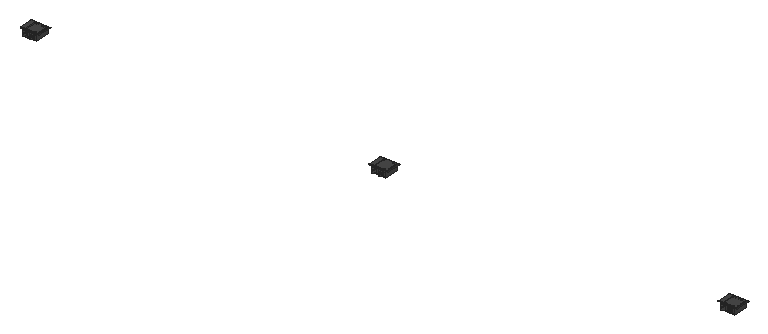
Revit family "Accessory-Teknion-ZNEL-Ledge_Table_Electric-R2019", category Furniture, Revit 2019
Family settings
  OmniClass Number = 23.40.20.00
  OmniClass Title = General Furniture and Specialties
  Work Plane-Based = No
  Always vertical = Yes
  Cut with Voids When Loaded = No
  Shared = Yes
  Room Calculation Point = No
Parameters (values of type "Table Segment 3, Power 2")
  Warranty = "http://www.teknion.com/ca/papers/legal-canada"
  Unit Weight URL = "http://www.teknion.com/ca/tools/assets#&asset=bee6a381-b954-425e-8283-5a2de3a804f2,f828d448-4b62-4231-9e5f-9a8991c0ed77"
  URL = "www.teknion.com"
  Two Segment = no
  To render please download texture images found here [instance] = "https://assets.teknion.com/web/5e81352c1dfdb467/revit-material-swatches/"
  Three Segment = yes
  Segment Width [instance] = 72.000"
  Segment 3 Power 2 = yes
  Segment 3 Power 1 = no
  Available Segment Widths [instance] = "60 or 72 inches."  # constant formula
  Actual Segment Width [instance] = if(and(Two Segment, Segment Width = 60.000"), 63.875", if(and(Two Segment, Segment Width = 72.000"), 75.875", if(and(Three Segment, Segment Width = 60.000"), 123.875", 147.875")))  # 147.875"
  Segment 2 Power 2 = yes
  Segment 2 Power 1 = no
  Sustainability Data = "https://www.teknion.com/ca/tools/assets#&topic=216f99a5-57a0-44fc-b10a-9dee9b29ae4c&asset=444deb64-fe58-4b68-981e-f75e97781df7,b4ff2d81-9f2e-437d-9659-7cffb09c31cf"
  Series = "Zones"
  Product Page URL = "https://www.teknion.com/ca/products/product-details?productlineid=b28c7a6e-8e7a-673b-a6c8-ff64004460c4"
  Product Line = "Zones"
  Product Documentation Link = "https://www.teknion.com/pricing/zones/pdfs/ZNEL_ppg.pdf"
  Part Number = "ZNEL"
  Model = "ZNEL3__2"
  Manufacturer Phone = "416-661-3370"  # constant formula
  Manufacturer Fax = "416.661.4586"  # constant formula
  Manufacturer Contact Information = "http://www.teknion.com/ca/contactus"
  Manufacturer Address = "1150 Flint Road, Toronto, ON. M3J 2J5. Canada"  # constant formula
  Manufacturer = "Teknion"  # constant formula
  How To Use Teknion Materials User Guide [instance] = "https://assets.teknion.com/m/205dd0a49fa58060/original/How-to-add-a-Material-Library-and-Texture-Images-to-your-Revit-project.pdf"
  Height = 41.000"
  For Additional Finishes please visit [instance] = "https://assets.teknion.com/m/44a8009b046e5d47/original/Teknion_Materials_Library.zip"
  Description = "Ledge Table Electric, Three Table Segments, AC and USB Outlets."
  Assembly Code = "E2020200"
Types (5): name | Two Segment | Three Segment | Segment 3 Power 2 | Segment 3 Power 1 | Actual Segment Width | Segment 2 Power 2 | Segment 2 Power 1 | Model | Description
  (no name) | no | yes | yes | no | 147.875" | yes | no | "ZNEL3__2" | "Ledge Table Electric, Three Table Segments, AC and USB Outlets."
  Table Segment 2, Power 1 | yes | no | no | no | 75.875" | no | yes | "ZNEL2__1" | "Ledge Table Electric, Two Table Segments, Two AC Outlets."
  Table Segment 2, Power 2 | yes | no | no | no | 75.875" | yes | no | "ZNEL2__2" | "Ledge Table Electric, Two Table Segments, AC and USB Outlets."
  Table Segment 3, Power 1 | no | yes | no | yes | 147.875" | no | yes | "ZNEL3__1" | "Ledge Table Electric, Three Table Segments, Two AC Outlets."
  Table Segment 3, Power 2 | no | yes | yes | no | 147.875" | yes | no | "ZNEL3__2" | "Ledge Table Electric, Three Table Segments, AC and USB Outlets."
Reference planes (in)
  plane 1 "Center Front/Back": y = 0.0565
  plane 2: z = 0
  plane 3 "Center Left/Right": x = 0
  plane 4 "Left": x = -73.9375
  plane 5 "Right": x = 73.9375
  plane 6 "Back": y = 1.763
  plane 7 "Front": y = -1.65
  plane 8 "Top": z = 41
  plane 9: x = -71.99975
  plane 10: y = -2.45
  plane 11: x = 71.9995
Forms (in)
  Sweep 1, solid, material "Paint - Teknion - 52 - Ebony"
    path origin (0, 0, 0) x (1, 0, 0) y (0, 1, 0)
      loop
        line (-73.6875, 1.45) -> (-73.6875, -1.45)
    profile origin (-73.6875, 0, 0) x (1, 0, 0) y (0, 0, 1)
      loop
        line (0.7255, 40.9) -> (0.7255, 40.952) -> (2.6505, 40.952) -> (2.6505, 40.9) -> (3.5755, 40.9)
        arc (3.5755, 40.9) -> (3.6255, 40.95) -> (3.5755, 41) r 0.05
        line (3.5755, 41) -> (-0.1995, 41)
        arc (-0.1995, 41) -> (-0.2495, 40.95) -> (-0.1995, 40.9) r 0.05
        line (-0.1995, 40.9) -> (0.7255, 40.9)
  Sweep 2, solid, material "Paint - Teknion - 52 - Ebony"
    path origin (0, 0, 0) x (1, 0, 0) y (0, 1, 0)
      loop
        line (-72.9245, 1.22684) -> (-71.0745, 1.22684)
    profile origin (-71.9995, 1.22684, 0) x (0, 1, 0) y (0, 0, 1)
      loop
        line (0.14616, 40.89) -> (0.14616, 40.84014) -> (0.22309, 40.84014) -> (0.22309, 40.87504)
        arc (0.22309, 40.87504) -> (0.20055, 40.92946) -> (0.14614, 40.952) r 0.07696
        line (0.14614, 40.952) -> (-0.15184, 40.952) -> (-0.15184, 40.89) -> (0.14616, 40.89)
      loop
        line (-2.59984, 40.89) -> (-2.30184, 40.89) -> (-2.30184, 40.952) -> (-2.59981, 40.952)
        arc (-2.59981, 40.952) -> (-2.65423, 40.92946) -> (-2.67677, 40.87504) r 0.07696
        line (-2.67677, 40.87504) -> (-2.67677, 40.84014) -> (-2.59984, 40.84014) -> (-2.59984, 40.89)
  Sweep 3, solid, material "Paint - Teknion - 52 - Ebony", visible <- "Segment 2 Power 1"
    path origin (0, 0, 0) x (1, 0, 0) y (0, 1, 0)
      loop
        line (-73.03923, -1.45) -> (-73.03923, -1.65)
    profile origin (-73.03923, -1.55, 0) x (1, 0, 0) y (0, 0, 1)
      loop
        line (-0.23527, 40.776) -> (-0.23527, 39.726) -> (0.81473, 39.726) -> (0.81473, 40.776) -> (-0.23527, 40.776)
      loop
        line (-0.05327, 40.534) -> (-0.05327, 40.422) -> (0.24873, 40.422) -> (0.24873, 40.534) -> (-0.05327, 40.534)
      loop
        line (0.27473, 40.032) -> (-0.08927, 40.032) -> (-0.08927, 39.92) -> (0.27473, 39.92) -> (0.27473, 40.032)
      loop
        line (0.67473, 40.354) -> (0.58276, 40.354)
        arc (0.58276, 40.354) -> (0.47976, 40.251) -> (0.58276, 40.148) r 0.103
        line (0.58276, 40.148) -> (0.67473, 40.148) -> (0.67473, 40.354)
      loop
        line (1.26473, 40.776) -> (1.26473, 39.726) -> (2.31473, 39.726) -> (2.31473, 40.776) -> (1.26473, 40.776)
      loop
        line (1.44673, 40.534) -> (1.44673, 40.422) -> (1.74873, 40.422) -> (1.74873, 40.534) -> (1.44673, 40.534)
      loop
        line (1.77473, 40.032) -> (1.41073, 40.032) -> (1.41073, 39.92) -> (1.77473, 39.92) -> (1.77473, 40.032)
      loop
        line (2.17473, 40.354) -> (2.08276, 40.354)
        arc (2.08276, 40.354) -> (1.97976, 40.251) -> (2.08276, 40.148) r 0.103
        line (2.08276, 40.148) -> (2.17473, 40.148) -> (2.17473, 40.354)
  Sweep 4, solid, material "Paint - Teknion - 52 - Ebony"
    path origin (0, 0, 0) x (1, 0, 0) y (0, 1, 0)
      loop
        line (-72.80056, 1.763) -> (-72.80056, 1.44993)
    profile origin (-72.80056, 1.60647, 0) x (1, 0, 0) y (0, 0, 1)
      loop
        line (0.44006, 40.0275) -> (0.44006, 40.4765)
        arc (0.44006, 40.4765) -> (0.05006, 40.70155) -> (-0.33994, 40.4765) r 0.45045
        line (-0.33994, 40.4765) -> (-0.33994, 40.0275)
        arc (-0.33994, 40.0275) -> (0.05006, 39.80066) -> (0.44006, 40.0275) r 0.44868
      loop
        circle (0.05006, 40.25111) r 0.20116
  Sweep 5, solid, material "Paint - Teknion - 52 - Ebony"
    path origin (60, 0, 0) x (1, 0, 0) y (0, 1, 0)
      loop
        line (10.3115, 1.45) -> (10.3115, -1.45)
    profile origin (70.3115, 0, 0) x (1, 0, 0) y (0, 0, 1)
      loop
        line (0.7255, 40.9) -> (0.7255, 40.952) -> (2.6505, 40.952) -> (2.6505, 40.9) -> (3.5755, 40.9)
        arc (3.5755, 40.9) -> (3.6255, 40.95) -> (3.5755, 41) r 0.05
        line (3.5755, 41) -> (-0.1995, 41)
        arc (-0.1995, 41) -> (-0.2495, 40.95) -> (-0.1995, 40.9) r 0.05
        line (-0.1995, 40.9) -> (0.7255, 40.9)
  Sweep 6, solid, material "Paint - Teknion - 52 - Ebony"
    path origin (60, 0, 0) x (1, 0, 0) y (0, 1, 0)
      loop
        line (11.0745, 1.22684) -> (12.9245, 1.22684)
    profile origin (71.9995, 1.22684, 0) x (0, 1, 0) y (0, 0, 1)
      loop
        line (0.14616, 40.89) -> (0.14616, 40.84014) -> (0.22309, 40.84014) -> (0.22309, 40.87504)
        arc (0.22309, 40.87504) -> (0.20055, 40.92946) -> (0.14614, 40.952) r 0.07696
        line (0.14614, 40.952) -> (-0.15184, 40.952) -> (-0.15184, 40.89) -> (0.14616, 40.89)
      loop
        line (-2.59984, 40.89) -> (-2.30184, 40.89) -> (-2.30184, 40.952) -> (-2.59981, 40.952)
        arc (-2.59981, 40.952) -> (-2.65423, 40.92946) -> (-2.67677, 40.87504) r 0.07696
        line (-2.67677, 40.87504) -> (-2.67677, 40.84014) -> (-2.59984, 40.84014) -> (-2.59984, 40.89)
  Sweep 7, solid, material "Paint - Teknion - 52 - Ebony", visible <- "Segment 2 Power 1"
    path origin (60, 0, 0) x (1, 0, 0) y (0, 1, 0)
      loop
        line (10.95977, -1.45) -> (10.95977, -1.65)
    profile origin (70.95977, -1.55, 0) x (1, 0, 0) y (0, 0, 1)
      loop
        line (-0.23527, 40.776) -> (-0.23527, 39.726) -> (0.81473, 39.726) -> (0.81473, 40.776) -> (-0.23527, 40.776)
      loop
        line (-0.05327, 40.534) -> (-0.05327, 40.422) -> (0.24873, 40.422) -> (0.24873, 40.534) -> (-0.05327, 40.534)
      loop
        line (0.27473, 40.032) -> (-0.08927, 40.032) -> (-0.08927, 39.92) -> (0.27473, 39.92) -> (0.27473, 40.032)
      loop
        line (0.67473, 40.354) -> (0.58276, 40.354)
        arc (0.58276, 40.354) -> (0.47976, 40.251) -> (0.58276, 40.148) r 0.103
        line (0.58276, 40.148) -> (0.67473, 40.148) -> (0.67473, 40.354)
      loop
        line (1.26473, 40.776) -> (1.26473, 39.726) -> (2.31473, 39.726) -> (2.31473, 40.776) -> (1.26473, 40.776)
      loop
        line (1.44673, 40.534) -> (1.44673, 40.422) -> (1.74873, 40.422) -> (1.74873, 40.534) -> (1.44673, 40.534)
      loop
        line (1.77473, 40.032) -> (1.41073, 40.032) -> (1.41073, 39.92) -> (1.77473, 39.92) -> (1.77473, 40.032)
      loop
        line (2.17473, 40.354) -> (2.08276, 40.354)
        arc (2.08276, 40.354) -> (1.97976, 40.251) -> (2.08276, 40.148) r 0.103
        line (2.08276, 40.148) -> (2.17473, 40.148) -> (2.17473, 40.354)
  Sweep 8, solid, material "Paint - Teknion - 52 - Ebony"
    path origin (60, 0, 0) x (1, 0, 0) y (0, 1, 0)
      loop
        line (11.19844, 1.763) -> (11.19844, 1.44993)
    profile origin (71.19844, 1.60647, 0) x (1, 0, 0) y (0, 0, 1)
      loop
        line (0.44006, 40.0275) -> (0.44006, 40.4765)
        arc (0.44006, 40.4765) -> (0.05006, 40.70155) -> (-0.33994, 40.4765) r 0.45045
        line (-0.33994, 40.4765) -> (-0.33994, 40.0275)
        arc (-0.33994, 40.0275) -> (0.05006, 39.80066) -> (0.44006, 40.0275) r 0.44868
      loop
        circle (0.05006, 40.25111) r 0.20116
  Sweep 9, solid, material "Paint - Teknion - 52 - Ebony"
    path origin (0, 0, 0) x (1, 0, 0) y (0, 1, 0)
      loop
        line (70.6875, 1.45) -> (70.6875, -1.45)
    profile origin (70.6875, 0, 0) x (1, 0, 0) y (0, 0, 1)
      loop
        line (-0.138, 39.627) -> (2.762, 39.627) -> (2.762, 40.867) -> (-0.138, 40.867) -> (-0.138, 39.627)
  Sweep 10, solid, material "Paint - Teknion - 52 - Ebony"
    path origin (0, 0, 0) x (1, 0, 0) y (0, 1, 0)
      loop
        line (-70.8457, 1.45) -> (-70.8457, -1.45)
    profile origin (-70.8457, 0, 0) x (1, 0, 0) y (0, 0, 1)
      loop
        line (-2.6038, 39.627) -> (0.2962, 39.627) -> (0.2962, 40.867) -> (-2.6038, 40.867) -> (-2.6038, 39.627)
  Sweep 11, solid, material "Paint - Teknion - 52 - Ebony", visible <- "Segment 2 Power 2"
    path origin (0, 0, 0) x (1, 0, 0) y (0, 1, 0)
      loop
        line (-73.01081, -1.45) -> (-73.01081, -1.65)
    profile origin (-73.01081, -1.55, 0) x (1, 0, 0) y (0, 0, 1)
      loop
        arc (-0.26369, 39.826) -> (-0.2344, 39.75529) -> (-0.16369, 39.726) r 0.1
        line (-0.16369, 39.726) -> (0.68631, 39.726)
        arc (0.68631, 39.726) -> (0.75702, 39.75529) -> (0.78631, 39.826) r 0.1
        line (0.78631, 39.826) -> (0.78631, 40.676)
        arc (0.78631, 40.676) -> (0.75702, 40.74671) -> (0.68631, 40.776) r 0.1
        line (0.68631, 40.776) -> (-0.16369, 40.776)
        arc (-0.16369, 40.776) -> (-0.2344, 40.74671) -> (-0.26369, 40.676) r 0.1
        line (-0.26369, 40.676) -> (-0.26369, 39.826)
      loop
        arc (1.23631, 39.826) -> (1.2656, 39.75529) -> (1.33631, 39.726) r 0.1
        line (1.33631, 39.726) -> (2.18631, 39.726)
        arc (2.18631, 39.726) -> (2.25702, 39.75529) -> (2.28631, 39.826) r 0.1
        line (2.28631, 39.826) -> (2.28631, 40.676)
        arc (2.28631, 40.676) -> (2.25702, 40.74671) -> (2.18631, 40.776) r 0.1
        line (2.18631, 40.776) -> (1.33631, 40.776)
        arc (1.33631, 40.776) -> (1.2656, 40.74671) -> (1.23631, 40.676) r 0.1
        line (1.23631, 40.676) -> (1.23631, 39.826)
      loop
        line (-0.11669, 40.354) -> (-0.11669, 40.148) -> (-0.02473, 40.148)
        arc (-0.02473, 40.148) -> (0.07827, 40.251) -> (-0.02473, 40.354) r 0.103
        line (-0.02473, 40.354) -> (-0.11669, 40.354)
      loop
        line (0.30931, 40.534) -> (0.30931, 40.422) -> (0.61131, 40.422) -> (0.61131, 40.534) -> (0.30931, 40.534)
      loop
        line (0.64731, 40.032) -> (0.28331, 40.032) -> (0.28331, 39.92) -> (0.64731, 39.92) -> (0.64731, 40.032)
      loop
        line (2.04855, 40.39388) -> (2.04855, 40.10638) -> (2.19855, 40.10638) -> (2.19855, 40.39388) -> (2.15271, 40.39388) -> (2.15271, 40.425) -> (2.09438, 40.425) -> (2.09438, 40.39388) -> (2.04855, 40.39388)
      loop
        line (1.94955, 40.52513) -> (1.78405, 40.52513)
        arc (1.78405, 40.52513) -> (1.76283, 40.51635) -> (1.75405, 40.49513) r 0.03
        line (1.75405, 40.49513) -> (1.75405, 40.00513)
        arc (1.75405, 40.00513) -> (1.76283, 39.98392) -> (1.78405, 39.97514) r 0.03
        line (1.78405, 39.97514) -> (1.94955, 39.97514)
        arc (1.94955, 39.97514) -> (1.97076, 39.98392) -> (1.97955, 40.00513) r 0.03
        line (1.97955, 40.00513) -> (1.97955, 40.49513)
        arc (1.97955, 40.49513) -> (1.97076, 40.51635) -> (1.94955, 40.52513) r 0.03
      loop
        line (1.64405, 40.00513) -> (1.64405, 40.49513)
        arc (1.64405, 40.49513) -> (1.63526, 40.51635) -> (1.61405, 40.52513) r 0.03
        line (1.61405, 40.52513) -> (1.44855, 40.52513)
        arc (1.44855, 40.52513) -> (1.42734, 40.51635) -> (1.41855, 40.49513) r 0.03
        line (1.41855, 40.49513) -> (1.41855, 40.00513)
        arc (1.41855, 40.00513) -> (1.42734, 39.98392) -> (1.44855, 39.97514) r 0.03
        line (1.44855, 39.97514) -> (1.61405, 39.97514)
        arc (1.61405, 39.97514) -> (1.63526, 39.98392) -> (1.64405, 40.00513) r 0.03
      loop
        line (1.4723, 40.45313) -> (1.4723, 40.04714) -> (1.5333, 40.04714) -> (1.5333, 40.45313) -> (1.4723, 40.45313)
      loop
        line (1.8043, 40.45313) -> (1.8043, 40.04714) -> (1.8653, 40.04714) -> (1.8653, 40.45313) -> (1.8043, 40.45313)
  Sweep 12, solid, material "Paint - Teknion - 52 - Ebony", visible <- "Segment 2 Power 2"
    path origin (60, 0, 0) x (1, 0, 0) y (0, 1, 0)
      loop
        line (10.98819, -1.45) -> (10.98819, -1.65)
    profile origin (70.98819, -1.55, 0) x (1, 0, 0) y (0, 0, 1)
      loop
        arc (-0.26369, 39.826) -> (-0.2344, 39.75529) -> (-0.16369, 39.726) r 0.1
        line (-0.16369, 39.726) -> (0.68631, 39.726)
        arc (0.68631, 39.726) -> (0.75702, 39.75529) -> (0.78631, 39.826) r 0.1
        line (0.78631, 39.826) -> (0.78631, 40.676)
        arc (0.78631, 40.676) -> (0.75702, 40.74671) -> (0.68631, 40.776) r 0.1
        line (0.68631, 40.776) -> (-0.16369, 40.776)
        arc (-0.16369, 40.776) -> (-0.2344, 40.74671) -> (-0.26369, 40.676) r 0.1
        line (-0.26369, 40.676) -> (-0.26369, 39.826)
      loop
        arc (1.23631, 39.826) -> (1.2656, 39.75529) -> (1.33631, 39.726) r 0.1
        line (1.33631, 39.726) -> (2.18631, 39.726)
        arc (2.18631, 39.726) -> (2.25702, 39.75529) -> (2.28631, 39.826) r 0.1
        line (2.28631, 39.826) -> (2.28631, 40.676)
        arc (2.28631, 40.676) -> (2.25702, 40.74671) -> (2.18631, 40.776) r 0.1
        line (2.18631, 40.776) -> (1.33631, 40.776)
        arc (1.33631, 40.776) -> (1.2656, 40.74671) -> (1.23631, 40.676) r 0.1
        line (1.23631, 40.676) -> (1.23631, 39.826)
      loop
        line (-0.11669, 40.354) -> (-0.11669, 40.148) -> (-0.02473, 40.148)
        arc (-0.02473, 40.148) -> (0.07827, 40.251) -> (-0.02473, 40.354) r 0.103
        line (-0.02473, 40.354) -> (-0.11669, 40.354)
      loop
        line (0.30931, 40.534) -> (0.30931, 40.422) -> (0.61131, 40.422) -> (0.61131, 40.534) -> (0.30931, 40.534)
      loop
        line (0.64731, 40.032) -> (0.28331, 40.032) -> (0.28331, 39.92) -> (0.64731, 39.92) -> (0.64731, 40.032)
      loop
        line (2.04855, 40.39388) -> (2.04855, 40.10638) -> (2.19855, 40.10638) -> (2.19855, 40.39388) -> (2.15271, 40.39388) -> (2.15271, 40.425) -> (2.09438, 40.425) -> (2.09438, 40.39388) -> (2.04855, 40.39388)
      loop
        line (1.94955, 40.52513) -> (1.78405, 40.52513)
        arc (1.78405, 40.52513) -> (1.76283, 40.51635) -> (1.75405, 40.49513) r 0.03
        line (1.75405, 40.49513) -> (1.75405, 40.00513)
        arc (1.75405, 40.00513) -> (1.76283, 39.98392) -> (1.78405, 39.97514) r 0.03
        line (1.78405, 39.97514) -> (1.94955, 39.97514)
        arc (1.94955, 39.97514) -> (1.97076, 39.98392) -> (1.97955, 40.00513) r 0.03
        line (1.97955, 40.00513) -> (1.97955, 40.49513)
        arc (1.97955, 40.49513) -> (1.97076, 40.51635) -> (1.94955, 40.52513) r 0.03
      loop
        line (1.64405, 40.00513) -> (1.64405, 40.49513)
        arc (1.64405, 40.49513) -> (1.63526, 40.51635) -> (1.61405, 40.52513) r 0.03
        line (1.61405, 40.52513) -> (1.44855, 40.52513)
        arc (1.44855, 40.52513) -> (1.42734, 40.51635) -> (1.41855, 40.49513) r 0.03
        line (1.41855, 40.49513) -> (1.41855, 40.00513)
        arc (1.41855, 40.00513) -> (1.42734, 39.98392) -> (1.44855, 39.97514) r 0.03
        line (1.44855, 39.97514) -> (1.61405, 39.97514)
        arc (1.61405, 39.97514) -> (1.63526, 39.98392) -> (1.64405, 40.00513) r 0.03
      loop
        line (1.4723, 40.45313) -> (1.4723, 40.04714) -> (1.5333, 40.04714) -> (1.5333, 40.45313) -> (1.4723, 40.45313)
      loop
        line (1.8043, 40.45313) -> (1.8043, 40.04714) -> (1.8653, 40.04714) -> (1.8653, 40.45313) -> (1.8043, 40.45313)
  Sweep 13, solid, material "Paint - Teknion - 52 - Ebony", visible <- "Three Segment"
    path origin (30, 0, 0) x (1, 0, 0) y (0, 1, 0)
      loop
        line (-31.688, 1.45) -> (-31.688, -1.45)
    profile origin (-1.688, 0, 0) x (1, 0, 0) y (0, 0, 1)
      loop
        line (0.7255, 40.9) -> (0.7255, 40.952) -> (2.6505, 40.952) -> (2.6505, 40.9) -> (3.5755, 40.9)
        arc (3.5755, 40.9) -> (3.6255, 40.95) -> (3.5755, 41) r 0.05
        line (3.5755, 41) -> (-0.1995, 41)
        arc (-0.1995, 41) -> (-0.2495, 40.95) -> (-0.1995, 40.9) r 0.05
        line (-0.1995, 40.9) -> (0.7255, 40.9)
  Sweep 14, solid, material "Paint - Teknion - 52 - Ebony", visible <- "Three Segment"
    path origin (30, 0, 0) x (1, 0, 0) y (0, 1, 0)
      loop
        line (-30.925, 1.22684) -> (-29.075, 1.22684)
    profile origin (0, 1.22684, 0) x (0, 1, 0) y (0, 0, 1)
      loop
        line (0.14616, 40.89) -> (0.14616, 40.84014) -> (0.22309, 40.84014) -> (0.22309, 40.87504)
        arc (0.22309, 40.87504) -> (0.20055, 40.92946) -> (0.14614, 40.952) r 0.07696
        line (0.14614, 40.952) -> (-0.15184, 40.952) -> (-0.15184, 40.89) -> (0.14616, 40.89)
      loop
        line (-2.59984, 40.89) -> (-2.30184, 40.89) -> (-2.30184, 40.952) -> (-2.59981, 40.952)
        arc (-2.59981, 40.952) -> (-2.65423, 40.92946) -> (-2.67677, 40.87504) r 0.07696
        line (-2.67677, 40.87504) -> (-2.67677, 40.84014) -> (-2.59984, 40.84014) -> (-2.59984, 40.89)
  Sweep 15, solid, material "Paint - Teknion - 52 - Ebony", visible <- "Segment 3 Power 1"
    path origin (30, 0, 0) x (1, 0, 0) y (0, 1, 0)
      loop
        line (-31.03973, -1.45) -> (-31.03973, -1.65)
    profile origin (-1.03973, -1.55, 0) x (1, 0, 0) y (0, 0, 1)
      loop
        line (-0.23527, 40.776) -> (-0.23527, 39.726) -> (0.81473, 39.726) -> (0.81473, 40.776) -> (-0.23527, 40.776)
      loop
        line (-0.05327, 40.534) -> (-0.05327, 40.422) -> (0.24873, 40.422) -> (0.24873, 40.534) -> (-0.05327, 40.534)
      loop
        line (0.27473, 40.032) -> (-0.08927, 40.032) -> (-0.08927, 39.92) -> (0.27473, 39.92) -> (0.27473, 40.032)
      loop
        line (0.67473, 40.354) -> (0.58276, 40.354)
        arc (0.58276, 40.354) -> (0.47976, 40.251) -> (0.58276, 40.148) r 0.103
        line (0.58276, 40.148) -> (0.67473, 40.148) -> (0.67473, 40.354)
      loop
        line (1.26473, 40.776) -> (1.26473, 39.726) -> (2.31473, 39.726) -> (2.31473, 40.776) -> (1.26473, 40.776)
      loop
        line (1.44673, 40.534) -> (1.44673, 40.422) -> (1.74873, 40.422) -> (1.74873, 40.534) -> (1.44673, 40.534)
      loop
        line (1.77473, 40.032) -> (1.41073, 40.032) -> (1.41073, 39.92) -> (1.77473, 39.92) -> (1.77473, 40.032)
      loop
        line (2.17473, 40.354) -> (2.08276, 40.354)
        arc (2.08276, 40.354) -> (1.97976, 40.251) -> (2.08276, 40.148) r 0.103
        line (2.08276, 40.148) -> (2.17473, 40.148) -> (2.17473, 40.354)
  Sweep 16, solid, material "Paint - Teknion - 52 - Ebony", visible <- "Three Segment"
    path origin (30, 0, 0) x (1, 0, 0) y (0, 1, 0)
      loop
        line (-30.80106, 1.763) -> (-30.80106, 1.44993)
    profile origin (-0.80106, 1.60647, 0) x (1, 0, 0) y (0, 0, 1)
      loop
        line (0.44006, 40.0275) -> (0.44006, 40.4765)
        arc (0.44006, 40.4765) -> (0.05006, 40.70155) -> (-0.33994, 40.4765) r 0.45045
        line (-0.33994, 40.4765) -> (-0.33994, 40.0275)
        arc (-0.33994, 40.0275) -> (0.05006, 39.80066) -> (0.44006, 40.0275) r 0.44868
      loop
        circle (0.05006, 40.25111) r 0.20116
  Sweep 17, solid, material "Paint - Teknion - 52 - Ebony", visible <- "Segment 3 Power 2"
    path origin (30, 0, 0) x (1, 0, 0) y (0, 1, 0)
      loop
        line (-31.01131, -1.45) -> (-31.01131, -1.65)
    profile origin (-1.01131, -1.55, 0) x (1, 0, 0) y (0, 0, 1)
      loop
        arc (-0.26369, 39.826) -> (-0.2344, 39.75529) -> (-0.16369, 39.726) r 0.1
        line (-0.16369, 39.726) -> (0.68631, 39.726)
        arc (0.68631, 39.726) -> (0.75702, 39.75529) -> (0.78631, 39.826) r 0.1
        line (0.78631, 39.826) -> (0.78631, 40.676)
        arc (0.78631, 40.676) -> (0.75702, 40.74671) -> (0.68631, 40.776) r 0.1
        line (0.68631, 40.776) -> (-0.16369, 40.776)
        arc (-0.16369, 40.776) -> (-0.2344, 40.74671) -> (-0.26369, 40.676) r 0.1
        line (-0.26369, 40.676) -> (-0.26369, 39.826)
      loop
        arc (1.23631, 39.826) -> (1.2656, 39.75529) -> (1.33631, 39.726) r 0.1
        line (1.33631, 39.726) -> (2.18631, 39.726)
        arc (2.18631, 39.726) -> (2.25702, 39.75529) -> (2.28631, 39.826) r 0.1
        line (2.28631, 39.826) -> (2.28631, 40.676)
        arc (2.28631, 40.676) -> (2.25702, 40.74671) -> (2.18631, 40.776) r 0.1
        line (2.18631, 40.776) -> (1.33631, 40.776)
        arc (1.33631, 40.776) -> (1.2656, 40.74671) -> (1.23631, 40.676) r 0.1
        line (1.23631, 40.676) -> (1.23631, 39.826)
      loop
        line (-0.11669, 40.354) -> (-0.11669, 40.148) -> (-0.02473, 40.148)
        arc (-0.02473, 40.148) -> (0.07827, 40.251) -> (-0.02473, 40.354) r 0.103
        line (-0.02473, 40.354) -> (-0.11669, 40.354)
      loop
        line (0.30931, 40.534) -> (0.30931, 40.422) -> (0.61131, 40.422) -> (0.61131, 40.534) -> (0.30931, 40.534)
      loop
        line (0.64731, 40.032) -> (0.28331, 40.032) -> (0.28331, 39.92) -> (0.64731, 39.92) -> (0.64731, 40.032)
      loop
        line (2.04855, 40.39388) -> (2.04855, 40.10638) -> (2.19855, 40.10638) -> (2.19855, 40.39388) -> (2.15271, 40.39388) -> (2.15271, 40.425) -> (2.09438, 40.425) -> (2.09438, 40.39388) -> (2.04855, 40.39388)
      loop
        line (1.94955, 40.52513) -> (1.78405, 40.52513)
        arc (1.78405, 40.52513) -> (1.76283, 40.51635) -> (1.75405, 40.49513) r 0.03
        line (1.75405, 40.49513) -> (1.75405, 40.00513)
        arc (1.75405, 40.00513) -> (1.76283, 39.98392) -> (1.78405, 39.97514) r 0.03
        line (1.78405, 39.97514) -> (1.94955, 39.97514)
        arc (1.94955, 39.97514) -> (1.97076, 39.98392) -> (1.97955, 40.00513) r 0.03
        line (1.97955, 40.00513) -> (1.97955, 40.49513)
        arc (1.97955, 40.49513) -> (1.97076, 40.51635) -> (1.94955, 40.52513) r 0.03
      loop
        line (1.64405, 40.00513) -> (1.64405, 40.49513)
        arc (1.64405, 40.49513) -> (1.63526, 40.51635) -> (1.61405, 40.52513) r 0.03
        line (1.61405, 40.52513) -> (1.44855, 40.52513)
        arc (1.44855, 40.52513) -> (1.42734, 40.51635) -> (1.41855, 40.49513) r 0.03
        line (1.41855, 40.49513) -> (1.41855, 40.00513)
        arc (1.41855, 40.00513) -> (1.42734, 39.98392) -> (1.44855, 39.97514) r 0.03
        line (1.44855, 39.97514) -> (1.61405, 39.97514)
        arc (1.61405, 39.97514) -> (1.63526, 39.98392) -> (1.64405, 40.00513) r 0.03
      loop
        line (1.4723, 40.45313) -> (1.4723, 40.04714) -> (1.5333, 40.04714) -> (1.5333, 40.45313) -> (1.4723, 40.45313)
      loop
        line (1.8043, 40.45313) -> (1.8043, 40.04714) -> (1.8653, 40.04714) -> (1.8653, 40.45313) -> (1.8043, 40.45313)
  Sweep 18, solid, material "Paint - Teknion - 52 - Ebony", visible <- "Three Segment"
    path origin (0, 0, 0) x (1, 0, 0) y (0, 1, 0)
      loop
        line (-1.62823, 1.45) -> (-1.62823, -1.45)
    profile origin (-1.62823, 0, 0) x (1, 0, 0) y (0, 0, 1)
      loop
        line (0.17823, 40.867) -> (0.17823, 39.627) -> (3.07823, 39.627) -> (3.07823, 40.867) -> (0.17823, 40.867)
Lines and regions (in)
  Masking region 1
    outline origin (0, 0, 0) x (1, 0, 0) y (0, 1, 0)
      loop
        line (-73.9375, 1.45) -> (-73.9375, -1.45) -> (-70.062, -1.45) -> (-70.062, 1.45) -> (-73.9375, 1.45)
  Masking region 2
    outline origin (0, 0, 0) x (1, 0, 0) y (0, 1, 0)
      loop
        line (-73.1405, 1.763) -> (-73.1405, 1.44993) -> (-72.3605, 1.44993) -> (-72.3605, 1.763) -> (-73.1405, 1.763)
  Masking region 3
    outline origin (0, 0, 0) x (1, 0, 0) y (0, 1, 0)
      loop
        line (-71.7745, -1.45) -> (-71.7745, -1.65) -> (-70.7245, -1.65) -> (-70.7245, -1.45) -> (-71.7745, -1.45)
      loop
        line (-72.2245, -1.65) -> (-72.2245, -1.45) -> (-73.2745, -1.45) -> (-73.2745, -1.65) -> (-72.2245, -1.65)
  Masking region 4, visible <- "Three Segment"
    outline origin (0, 0, 0) x (1, 0, 0) y (0, 1, 0)
      loop
        line (-1.9375, 1.45) -> (-1.9375, -1.45) -> (1.9375, -1.45) -> (1.9375, 1.45) -> (-1.9375, 1.45)
  Masking region 5, visible <- "Three Segment"
    outline origin (0, 0, 0) x (1, 0, 0) y (0, 1, 0)
      loop
        line (-1.275, -1.45) -> (-1.275, -1.65) -> (-0.225, -1.65) -> (-0.225, -1.45) -> (-1.275, -1.45)
      loop
        line (0.225, -1.45) -> (0.225, -1.65) -> (1.275, -1.65) -> (1.275, -1.45) -> (0.225, -1.45)
  Masking region 6, visible <- "Three Segment"
    outline origin (0, 0, 0) x (1, 0, 0) y (0, 1, 0)
      loop
        line (-1.141, 1.763) -> (-1.141, 1.44993) -> (-0.361, 1.44993) -> (-0.361, 1.763) -> (-1.141, 1.763)
  Masking region 7
    outline origin (0, 0, 0) x (1, 0, 0) y (0, 1, 0)
      loop
        line (70.8585, 1.763) -> (70.8585, 1.44993) -> (71.6385, 1.44993) -> (71.6385, 1.763) -> (70.8585, 1.763)
  Masking region 8
    outline origin (0, 0, 0) x (1, 0, 0) y (0, 1, 0)
      loop
        line (70.062, 1.45) -> (70.062, -1.45) -> (73.9375, -1.45) -> (73.9375, 1.45) -> (70.062, 1.45)
  Masking region 9
    outline origin (0, 0, 0) x (1, 0, 0) y (0, 1, 0)
      loop
        line (70.7245, -1.45) -> (70.7245, -1.65) -> (71.7745, -1.65) -> (71.7745, -1.45) -> (70.7245, -1.45)
      loop
        line (72.2245, -1.45) -> (72.2245, -1.65) -> (73.2745, -1.65) -> (73.2745, -1.45) -> (72.2245, -1.45)
  symbolic lines, style "FurnitureHiddenLines", detail levels medium+fine
    curve 1: line (-73.4495, 1.45, 0) -> (-73.4495, -1.45, 0)
    curve 2: line (-70.5495, -1.45, 0) -> (-70.5495, 1.45, 0)
    curve 3: line (-72.9245, 1.075, 0) -> (-71.0745, 1.075, 0)
    curve 4: line (-71.0745, 1.075, 0) -> (-71.0745, 1.37297, 0)
    curve 5: line (-71.0745, 1.37297, 0) -> (-72.9245, 1.37297, 0)
    curve 6: line (-72.9245, 1.37297, 0) -> (-72.9245, 1.075, 0)
    curve 7: line (-71.0745, -1.075, 0) -> (-72.94012, -1.075, 0)
    curve 8: line (-72.94012, -1.075, 0) -> (-72.94012, -1.37297, 0)
    curve 9: line (-72.94012, -1.37297, 0) -> (-71.0745, -1.37297, 0)
    curve 10: line (-71.0745, -1.37297, 0) -> (-71.0745, -1.075, 0)
    curve 21: line (70.5495, 1.45, 0) -> (70.5495, -1.45, 0)
    curve 22: line (73.4495, -1.45, 0) -> (73.4495, 1.45, 0)
    curve 23: line (72.9245, -1.37297, 0) -> (72.9245, -1.075, 0)
    curve 24: line (72.9245, -1.075, 0) -> (71.0745, -1.075, 0)
    curve 25: line (71.0745, -1.075, 0) -> (71.0745, -1.37297, 0)
    curve 26: line (71.0745, -1.37297, 0) -> (72.9245, -1.37297, 0)
    curve 27: line (71.0745, 1.37297, 0) -> (71.0745, 1.075, 0)
    curve 28: line (71.0745, 1.075, 0) -> (72.9245, 1.075, 0)
    curve 29: line (72.9245, 1.075, 0) -> (72.9245, 1.37297, 0)
    curve 30: line (72.9245, 1.37297, 0) -> (71.0745, 1.37297, 0)
  symbolic lines, style "FurnitureHiddenLines", visible <- "Three Segment", detail levels medium+fine
    curve 11: line (-0.925, 1.37297, 0) -> (-0.925, 1.075, 0)
    curve 12: line (-0.925, 1.075, 0) -> (0.925, 1.075, 0)
    curve 13: line (0.925, 1.075, 0) -> (0.925, 1.37297, 0)
    curve 14: line (0.925, 1.37297, 0) -> (-0.925, 1.37297, 0)
    curve 15: line (-0.925, -1.075, 0) -> (-0.925, -1.37297, 0)
    curve 16: line (-0.925, -1.37297, 0) -> (0.925, -1.37297, 0)
    curve 17: line (0.925, -1.37297, 0) -> (0.925, -1.075, 0)
    curve 18: line (0.925, -1.075, 0) -> (-0.925, -1.075, 0)
    curve 19: line (-1.45, 1.45, 0) -> (-1.45, -1.45, 0)
    curve 20: line (1.45, -1.45, 0) -> (1.45, 1.45, 0)
  reference lines
    curve 31: line (-73.9375, 1.763, 0) -> (73.9375, 1.763, 0)
    curve 32: line (73.9375, 1.763, 0) -> (73.9375, -1.65, 0)
    curve 33: line (-73.9375, -1.65, 0) -> (73.9375, -1.65, 0)
    curve 34: line (-73.9375, 1.763, 0) -> (-73.9375, -1.65, 0)
Dimensions and locks (in)
  "Actual Segment Width": plane 4 "Left" to plane 5 "Right"
  locked: plane 6 "Back" to plane 7 "Front" at 3.413
  "Height": plane 8 "Top" to level
  equal spacing: plane 6 "Back", plane 1 "Center Front/Back", plane 7 "Front"
  equal spacing: plane 4 "Left", plane 3 "Center Left/Right", plane 5 "Right"
  locked: plane 4 "Left" to Sweep 1 sketch curve at 0.25
  plane 6 "Back" to Sweep 1 sketch curve to Sweep 1 sketch curve = 0.313" locked, 2.900" locked
  Sweep 1 sketch curve to Sweep 1 sketch curve to Sweep 1 sketch curve to Sweep 1 sketch curve to plane 4 "Left" = 0.925" locked, 1.925" locked, 0.925" locked, 0.0505" locked
  plane 8 "Top" to Sweep 1 sketch curve to Sweep 1 sketch curve to Sweep 1 sketch curve to Sweep 1 sketch curve to Sweep 1 sketch curve = 0.048" locked, 0.002" locked, 0.000" locked, 0.050" locked, 0.000" locked
  plane 6 "Back" to Sweep 2 sketch curve to Sweep 2 sketch curve to Sweep 2 sketch curve to Sweep 2 sketch curve = 0.31307" locked, 0.07693" locked, 0.00003" locked, 0.29797" locked
  plane 8 "Top" to Sweep 2 sketch curve to Sweep 2 sketch curve to Sweep 2 sketch curve to Sweep 2 sketch curve = 0.048" locked, 0.062" locked, 0.01496" locked, 0.0349" locked
  Sweep 2 sketch curve to Sweep 2 sketch curve to Sweep 2 sketch curve to Sweep 2 sketch curve to plane 7 "Front" = 0.29797" locked, 0.00003" locked, 0.07693" locked, 0.20007" locked
  plane 8 "Top" to Sweep 1 to Sweep 2 sketch curve to Sweep 2 sketch curve to Sweep 2 sketch curve = 0.048" locked, 0.062" locked, 0.01496" locked, 0.0349" locked
  locked: plane 1 "Center Front/Back" to Sweep 2 sketch curve at 1.17034
  plane 4 "Left" to Sweep 2 sketch curve to Sweep 2 sketch curve = 1.013" locked, 1.850" locked
  Sweep 3 sketch curve to Sweep 3 sketch curve to Sweep 3 sketch curve to Sweep 3 sketch curve to Sweep 3 sketch curve to Sweep 3 sketch curve to Sweep 3 sketch curve to Sweep 3 sketch curve to Sweep 3 sketch curve to Sweep 3 sketch curve to Sweep 3 sketch curve to Sweep 3 sketch curve to Sweep 3 sketch curve to Sweep 3 sketch curve to Sweep 3 sketch curve to Sweep 3 sketch curve to plane 4 "Left" = 0.140" locked, 0.19497" locked, 0.20503" locked, 0.026" locked, 0.302" locked, 0.036" locked, 0.146" locked, 0.450" locked, 0.140" locked, 0.19497" locked, 0.20503" locked, 0.026" locked, 0.302" locked, 0.036" locked, 0.146" locked, 0.663" locked
  plane 8 "Top" to Sweep 3 sketch curve to Sweep 3 sketch curve to Sweep 3 sketch curve to Sweep 3 sketch curve to Sweep 3 sketch curve to Sweep 3 sketch curve to Sweep 3 sketch curve to Sweep 3 sketch curve to Sweep 3 sketch curve to Sweep 3 sketch curve to Sweep 3 sketch curve to Sweep 3 sketch curve to Sweep 3 sketch curve to Sweep 3 sketch curve to Sweep 3 sketch curve to Sweep 3 sketch curve = 0.224" locked, 0.000" locked, 0.242" locked, 0.000" locked, 0.112" locked, 0.000" locked, 0.068" locked, 0.000" locked, 0.206" locked, 0.000" locked, 0.116" locked, 0.000" locked, 0.112" locked, 0.000" locked, 0.194" locked, 0.000" locked
  locked: plane 7 "Front" to Sweep 3 sketch curve at 0.2
  locked: plane 4 "Left" to Sweep 3 sketch curve at 0.89827
  Sweep 4 sketch curve to Sweep 4 sketch curve to Sweep 4 sketch curve to plane 4 "Left" = 0.390" locked, 0.390" locked, 0.797" locked
  Sweep 4 sketch curve to Sweep 4 sketch curve to Sweep 4 sketch curve to plane 8 "Top" = 0.45045" locked, 0.45045" locked, 0.29845" locked
  locked: plane 4 "Left" to Sweep 4 sketch curve at 1.13694
  locked: plane 6 "Back" to Sweep 4 sketch curve at 0.31307
  Sweep 5 sketch curve to plane 1 "Center Front/Back" to Sweep 5 sketch curve = 1.3935" locked, 1.5065" locked
  plane 5 "Right" to Sweep 5 sketch curve to Sweep 5 sketch curve to Sweep 5 sketch curve to Sweep 5 sketch curve = 0.0505" locked, 0.925" locked, 1.925" locked, 0.925" locked
  plane 8 "Top" to Sweep 5 sketch curve to Sweep 5 sketch curve to Sweep 5 sketch curve to Sweep 5 sketch curve to Sweep 5 sketch curve = 0.048" locked, 0.002" locked, 0.000" locked, 0.050" locked, 0.000" locked
  plane 6 "Back" to Sweep 6 sketch curve to Sweep 6 sketch curve to Sweep 6 sketch curve to Sweep 6 sketch curve = 0.31307" locked, 0.07693" locked, 0.00003" locked, 0.29797" locked
  plane 8 "Top" to Sweep 6 sketch curve to Sweep 6 sketch curve to Sweep 6 sketch curve to Sweep 6 sketch curve = 0.048" locked, 0.062" locked, 0.01496" locked, 0.0349" locked
  Sweep 6 sketch curve to Sweep 6 sketch curve to Sweep 6 sketch curve to Sweep 6 sketch curve to plane 7 "Front" = 0.29797" locked, 0.00003" locked, 0.07693" locked, 0.20007" locked
  plane 8 "Top" to Sweep 5 to Sweep 6 sketch curve to Sweep 6 sketch curve to Sweep 6 sketch curve = 0.048" locked, 0.062" locked, 0.01496" locked, 0.0349" locked
  Sweep 6 sketch curve to Sweep 6 sketch curve to plane 5 "Right" = 1.850" locked, 1.013" locked
  plane 5 "Right" to Sweep 7 sketch curve to Sweep 7 sketch curve to Sweep 7 sketch curve to Sweep 7 sketch curve to Sweep 7 sketch curve to Sweep 7 sketch curve to Sweep 7 sketch curve to Sweep 7 sketch curve to Sweep 7 sketch curve to Sweep 7 sketch curve to Sweep 7 sketch curve to Sweep 7 sketch curve to Sweep 7 sketch curve to Sweep 7 sketch curve to Sweep 7 sketch curve to Sweep 7 sketch curve = 0.663" locked, 0.140" locked, 0.19497" locked, 0.20503" locked, 0.026" locked, 0.302" locked, 0.036" locked, 0.146" locked, 0.450" locked, 0.140" locked, 0.19497" locked, 0.20503" locked, 0.026" locked, 0.302" locked, 0.036" locked, 0.146" locked
  plane 8 "Top" to Sweep 7 sketch curve to Sweep 7 sketch curve to Sweep 7 sketch curve to Sweep 7 sketch curve to Sweep 7 sketch curve to Sweep 7 sketch curve to Sweep 7 sketch curve to Sweep 7 sketch curve to Sweep 7 sketch curve to Sweep 7 sketch curve to Sweep 7 sketch curve to Sweep 7 sketch curve to Sweep 7 sketch curve to Sweep 7 sketch curve to Sweep 7 sketch curve to Sweep 7 sketch curve = 0.224" locked, 0.000" locked, 0.242" locked, 0.000" locked, 0.112" locked, 0.000" locked, 0.068" locked, 0.000" locked, 0.206" locked, 0.000" locked, 0.116" locked, 0.000" locked, 0.112" locked, 0.000" locked, 0.194" locked, 0.000" locked
  Sweep 8 sketch curve to Sweep 8 sketch curve to Sweep 8 sketch curve to plane 8 "Top" = 0.45045" locked, 0.45045" locked, 0.29845" locked
  locked: plane 6 "Back" to Sweep 8 sketch curve at 0.31307
  locked: Sweep 8 sketch curve to plane 5 "Right" at 2.73906
  Sweep 8 sketch curve to Sweep 8 sketch curve to Sweep 8 sketch curve to plane 5 "Right" = 0.390" locked, 0.390" locked, 2.299" locked
  Sweep 8 sketch curve to Sweep 8 sketch curve to plane 5 "Right" = 0.000" locked, 2.689" locked
  Sweep 4 sketch curve to Sweep 4 sketch curve to plane 4 "Left" = 0.000" locked, 1.187" locked
  locked: Sweep 5 sketch curve to plane 5 "Right" at 3.626
  locked: plane 6 "Back" to Sweep 6 sketch curve at 0.53616
  Sweep 9 sketch curve to Sweep 9 sketch curve to plane 5 "Right" = 2.900" locked, 0.488" locked
  plane 8 "Top" to Sweep 9 sketch curve to Sweep 9 sketch curve = 0.133" locked, 1.240" locked
  Sweep 9 sketch curve to plane 1 "Center Front/Back" to Sweep 9 sketch curve = 1.5065" locked, 1.3935" locked
  locked: Sweep 9 sketch curve to plane 5 "Right" at 3.25
  locked: Sweep 7 sketch curve to plane 5 "Right" at 2.97773
  locked: plane 7 "Front" to Sweep 7 sketch curve at 0.2
  Sweep 10 sketch curve to plane 1 "Center Front/Back" to Sweep 10 sketch curve = 1.5065" locked, 1.3935" locked
  locked: plane 4 "Left" to Sweep 10 sketch curve at 3.0918
  Sweep 10 sketch curve to Sweep 10 sketch curve to plane 4 "Left" = 2.900" locked, 0.488" locked
  plane 8 "Top" to Sweep 10 sketch curve to Sweep 10 sketch curve = 0.133" locked, 1.240" locked
  Sweep 11 sketch curve to Sweep 11 sketch curve to Sweep 11 sketch curve to Sweep 11 sketch curve to Sweep 11 sketch curve to Sweep 11 sketch curve to Sweep 11 sketch curve to Sweep 11 sketch curve to Sweep 11 sketch curve to Sweep 11 sketch curve to Sweep 11 sketch curve to Sweep 11 sketch curve to Sweep 11 sketch curve to Sweep 11 sketch curve to Sweep 11 sketch curve to Sweep 11 sketch curve to Sweep 11 sketch curve to Sweep 11 sketch curve to Sweep 11 sketch curve to Sweep 11 sketch curve to Sweep 11 sketch curve to Sweep 11 sketch curve to plane 4 "Left" = 0.08776" locked, 0.04583" locked, 0.05833" locked, 0.04583" locked, 0.069" locked, 0.11424" locked, 0.061" locked, 0.05025" locked, 0.110" locked, 0.11075" locked, 0.061" locked, 0.05375" locked, 0.18224" locked, 0.450" locked, 0.139" locked, 0.036" locked, 0.302" locked, 0.026" locked, 0.20504" locked, 0.19496" locked, 0.147" locked, 0.663" locked
  plane 8 "Top" to Sweep 11 sketch curve to Sweep 11 sketch curve to Sweep 11 sketch curve to Sweep 11 sketch curve to Sweep 11 sketch curve to Sweep 11 sketch curve to Sweep 11 sketch curve to Sweep 11 sketch curve to Sweep 11 sketch curve to Sweep 11 sketch curve to Sweep 11 sketch curve to Sweep 11 sketch curve to Sweep 11 sketch curve to Sweep 11 sketch curve to Sweep 11 sketch curve to Sweep 11 sketch curve to Sweep 11 sketch curve to Sweep 11 sketch curve to Sweep 11 sketch curve to Sweep 11 sketch curve to Sweep 11 sketch curve to Sweep 11 sketch curve = 0.224" locked, 0.000" locked, 0.242" locked, 0.00887" locked, 0.000" locked, 0.072" locked, 0.000" locked, 0.02813" locked, 0.003" locked, 0.02812" locked, 0.000" locked, 0.03988" locked, 0.206" locked, 0.04162" locked, 0.05925" locked, 0.000" locked, 0.01514" locked, 0.05686" locked, 0.000" locked, 0.05514" locked, 0.194" locked, 0.000" locked
  locked: plane 7 "Front" to Sweep 11 sketch curve at 0.2
  locked: plane 4 "Left" to Sweep 11 sketch curve at 0.92669
  plane 5 "Right" to Sweep 12 sketch curve to Sweep 12 sketch curve to Sweep 12 sketch curve to Sweep 12 sketch curve to Sweep 12 sketch curve to Sweep 12 sketch curve to Sweep 12 sketch curve to Sweep 12 sketch curve to Sweep 12 sketch curve to Sweep 12 sketch curve to Sweep 12 sketch curve to Sweep 12 sketch curve to Sweep 12 sketch curve to Sweep 12 sketch curve to Sweep 12 sketch curve to Sweep 12 sketch curve to Sweep 12 sketch curve to Sweep 12 sketch curve to Sweep 12 sketch curve to Sweep 12 sketch curve to Sweep 12 sketch curve to Sweep 12 sketch curve = 0.663" locked, 0.08776" locked, 0.04583" locked, 0.05833" locked, 0.04583" locked, 0.069" locked, 0.11424" locked, 0.061" locked, 0.05025" locked, 0.110" locked, 0.11075" locked, 0.061" locked, 0.05375" locked, 0.18224" locked, 0.450" locked, 0.139" locked, 0.036" locked, 0.302" locked, 0.026" locked, 0.20504" locked, 0.19496" locked, 0.147" locked
  plane 8 "Top" to Sweep 12 sketch curve to Sweep 12 sketch curve to Sweep 12 sketch curve to Sweep 12 sketch curve to Sweep 12 sketch curve to Sweep 12 sketch curve to Sweep 12 sketch curve to Sweep 12 sketch curve to Sweep 12 sketch curve to Sweep 12 sketch curve to Sweep 12 sketch curve to Sweep 12 sketch curve to Sweep 12 sketch curve to Sweep 12 sketch curve to Sweep 12 sketch curve to Sweep 12 sketch curve to Sweep 12 sketch curve to Sweep 12 sketch curve to Sweep 12 sketch curve to Sweep 12 sketch curve to Sweep 12 sketch curve to Sweep 12 sketch curve = 0.224" locked, 0.000" locked, 0.242" locked, 0.00887" locked, 0.000" locked, 0.072" locked, 0.000" locked, 0.02813" locked, 0.003" locked, 0.02812" locked, 0.000" locked, 0.03988" locked, 0.206" locked, 0.04162" locked, 0.05925" locked, 0.000" locked, 0.01514" locked, 0.05686" locked, 0.000" locked, 0.05514" locked, 0.194" locked, 0.000" locked
  locked: Sweep 12 sketch curve to plane 5 "Right" at 2.94931
  locked: plane 7 "Front" to Sweep 12 sketch curve at 0.2
  Sweep 13 sketch curve to plane 1 "Center Front/Back" to Sweep 13 sketch curve = 1.3935" locked, 1.5065" locked
  Sweep 13 sketch curve to Sweep 13 sketch curve to Sweep 13 sketch curve to Sweep 13 sketch curve = 0.925" locked, 1.925" locked, 0.925" locked
  plane 8 "Top" to Sweep 13 sketch curve to Sweep 13 sketch curve to Sweep 13 sketch curve to Sweep 13 sketch curve to Sweep 13 sketch curve = 0.048" locked, 0.002" locked, 0.000" locked, 0.050" locked, 0.000" locked
  plane 6 "Back" to Sweep 14 sketch curve to Sweep 14 sketch curve to Sweep 14 sketch curve to Sweep 14 sketch curve = 0.31307" locked, 0.07693" locked, 0.00003" locked, 0.29797" locked
  plane 8 "Top" to Sweep 14 sketch curve to Sweep 14 sketch curve to Sweep 14 sketch curve to Sweep 14 sketch curve = 0.048" locked, 0.062" locked, 0.01496" locked, 0.0349" locked
  Sweep 14 sketch curve to Sweep 14 sketch curve to Sweep 14 sketch curve to Sweep 14 sketch curve to plane 7 "Front" = 0.29797" locked, 0.00003" locked, 0.07693" locked, 0.20007" locked
  plane 8 "Top" to Sweep 13 to Sweep 14 sketch curve to Sweep 14 sketch curve to Sweep 14 sketch curve = 0.048" locked, 0.062" locked, 0.01496" locked, 0.0349" locked
  Sweep 14 sketch curve to plane 3 "Center Left/Right" to Sweep 14 sketch curve = 0.925" locked, 0.925" locked
  Sweep 15 sketch curve to Sweep 15 sketch curve to Sweep 15 sketch curve to Sweep 15 sketch curve to Sweep 15 sketch curve to Sweep 15 sketch curve to Sweep 15 sketch curve to Sweep 15 sketch curve to plane 3 "Center Left/Right" to Sweep 15 sketch curve to Sweep 15 sketch curve to Sweep 15 sketch curve to Sweep 15 sketch curve to Sweep 15 sketch curve to Sweep 15 sketch curve to Sweep 15 sketch curve to Sweep 15 sketch curve = 0.140" locked, 0.19497" locked, 0.20503" locked, 0.026" locked, 0.302" locked, 0.036" locked, 0.146" locked, 0.225" locked, 0.225" locked, 0.140" locked, 0.19497" locked, 0.20503" locked, 0.026" locked, 0.302" locked, 0.036" locked, 0.146" locked
  plane 8 "Top" to Sweep 15 sketch curve to Sweep 15 sketch curve to Sweep 15 sketch curve to Sweep 15 sketch curve to Sweep 15 sketch curve to Sweep 15 sketch curve to Sweep 15 sketch curve to Sweep 15 sketch curve to Sweep 15 sketch curve to Sweep 15 sketch curve to Sweep 15 sketch curve to Sweep 15 sketch curve to Sweep 15 sketch curve to Sweep 15 sketch curve to Sweep 15 sketch curve to Sweep 15 sketch curve = 0.224" locked, 0.000" locked, 0.242" locked, 0.000" locked, 0.112" locked, 0.000" locked, 0.068" locked, 0.000" locked, 0.206" locked, 0.000" locked, 0.116" locked, 0.000" locked, 0.112" locked, 0.000" locked, 0.194" locked, 0.000" locked
  plane 3 "Center Left/Right" to Sweep 16 sketch curve to Sweep 16 sketch curve to Sweep 16 sketch curve = 0.361" locked, 0.390" locked, 0.390" locked
  Sweep 16 sketch curve to Sweep 16 sketch curve to Sweep 16 sketch curve to plane 8 "Top" = 0.45045" locked, 0.45045" locked, 0.29845" locked
  plane 3 "Center Left/Right" to Sweep 16 sketch curve to Sweep 16 sketch curve = 0.751" locked, 0.000" locked
  Sweep 17 sketch curve to Sweep 17 sketch curve to Sweep 17 sketch curve to Sweep 17 sketch curve to Sweep 17 sketch curve to Sweep 17 sketch curve to Sweep 17 sketch curve to Sweep 17 sketch curve to Sweep 17 sketch curve to Sweep 17 sketch curve to Sweep 17 sketch curve to Sweep 17 sketch curve to Sweep 17 sketch curve to Sweep 17 sketch curve to plane 3 "Center Left/Right" to Sweep 17 sketch curve to Sweep 17 sketch curve to Sweep 17 sketch curve to Sweep 17 sketch curve to Sweep 17 sketch curve to Sweep 17 sketch curve to Sweep 17 sketch curve to Sweep 17 sketch curve = 0.08776" locked, 0.04583" locked, 0.05833" locked, 0.04583" locked, 0.069" locked, 0.11424" locked, 0.061" locked, 0.05025" locked, 0.110" locked, 0.11075" locked, 0.061" locked, 0.05375" locked, 0.18224" locked, 0.225" locked, 0.225" locked, 0.139" locked, 0.036" locked, 0.302" locked, 0.026" locked, 0.20504" locked, 0.19496" locked, 0.147" locked
  plane 8 "Top" to Sweep 17 sketch curve to Sweep 17 sketch curve to Sweep 17 sketch curve to Sweep 17 sketch curve to Sweep 17 sketch curve to Sweep 17 sketch curve to Sweep 17 sketch curve to Sweep 17 sketch curve to Sweep 17 sketch curve to Sweep 17 sketch curve to Sweep 17 sketch curve to Sweep 17 sketch curve to Sweep 17 sketch curve to Sweep 17 sketch curve to Sweep 17 sketch curve to Sweep 17 sketch curve to Sweep 17 sketch curve to Sweep 17 sketch curve to Sweep 17 sketch curve to Sweep 17 sketch curve to Sweep 17 sketch curve to Sweep 17 sketch curve = 0.224" locked, 0.000" locked, 0.242" locked, 0.00887" locked, 0.000" locked, 0.072" locked, 0.000" locked, 0.02813" locked, 0.003" locked, 0.02812" locked, 0.000" locked, 0.03988" locked, 0.206" locked, 0.04162" locked, 0.05925" locked, 0.000" locked, 0.01514" locked, 0.05686" locked, 0.000" locked, 0.05514" locked, 0.194" locked, 0.000" locked
  locked: plane 6 "Back" to Sweep 16 sketch curve at 0.31307
  locked: Sweep 16 sketch curve to plane 3 "Center Left/Right" at 0.80106
  locked: plane 6 "Back" to Sweep 14 sketch curve at 0.53616
  locked: Sweep 13 sketch curve to plane 3 "Center Left/Right" at 1.688
  locked: Sweep 15 sketch curve to plane 3 "Center Left/Right" at 1.03973
  locked: plane 7 "Front" to Sweep 15 sketch curve at 0.2
  locked: plane 7 "Front" to Sweep 17 sketch curve at 0.2
  locked: Sweep 17 sketch curve to plane 3 "Center Left/Right" at 1.01131
  locked: Sweep 18 sketch curve to plane 3 "Center Left/Right" at 1.62823
  Sweep 18 sketch curve to plane 1 "Center Front/Back" to Sweep 18 sketch curve = 1.5065" locked, 1.3935" locked
  Sweep 18 sketch curve to plane 3 "Center Left/Right" to Sweep 18 sketch curve = 1.450" locked, 1.450" locked
  plane 8 "Top" to Sweep 18 sketch curve to Sweep 18 sketch curve = 0.133" locked, 1.240" locked
  locked: plane 4 "Left" to Masking region 1 sketch curve at 3.8755
  Masking region 4 sketch curve to plane 3 "Center Left/Right" to Masking region 4 sketch curve = 1.9375" locked, 1.9375" locked
  locked: Masking region 8 sketch curve to plane 5 "Right" at 3.8755
  locked: plane 4 "Left" to plane 9 at 1.93775
  locked: plane 11 to plane 5 "Right" at 1.938
  locked: plane 7 "Front" to plane 10 at 0.8
  aligned and locked: level to plane 2
  aligned and locked: Sweep 1 sketch curve to plane 8 "Top"
  aligned and locked: plane 7 "Front" to Sweep 3 sketch curve
  aligned and locked: plane 6 "Back" to Sweep 4 sketch curve
  aligned and locked: plane 6 "Back" to Sweep 8 sketch curve
  aligned and locked: plane 7 "Front" to Sweep 7 sketch curve
  aligned and locked: plane 7 "Front" to Sweep 11 sketch curve
  aligned and locked: plane 7 "Front" to Sweep 12 sketch curve
  aligned and locked: plane 6 "Back" to Sweep 16 sketch curve
  aligned and locked: plane 7 "Front" to Sweep 15 sketch curve
  aligned and locked: plane 7 "Front" to Sweep 17 sketch curve
  aligned and locked: Masking region 1 sketch curve to Sweep 1  (x2)
  aligned and locked: Masking region 1 sketch curve to plane 4 "Left"
  aligned and locked: Masking region 2 sketch curve to Sweep 4  (x4)
  aligned and locked: Masking region 3 sketch curve to Sweep 3  (x7)
  aligned and locked: Sweep 3 to Masking region 3 sketch curve
  aligned and locked: curve 1 to Sweep 10
  aligned and locked: curve 2 to Sweep 10
  aligned and locked: curve 3 to Sweep 2
  aligned and locked: Sweep 2 to curve 4
  aligned and locked: curve 5 to Sweep 2
  aligned and locked: curve 6 to Sweep 2
  aligned and locked: curve 7 to Sweep 2
  aligned and locked: curve 9 to Sweep 2
  aligned and locked: Sweep 2 to curve 10
  aligned and locked: Masking region 4 sketch curve to Sweep 13  (x2)
  aligned and locked: curve 11 to Sweep 14
  aligned and locked: curve 12 to Sweep 14
  aligned and locked: Sweep 14 to curve 13
  aligned and locked: curve 14 to Sweep 14
  aligned and locked: curve 15 to Sweep 14
  aligned and locked: curve 16 to Sweep 14
  aligned and locked: Sweep 14 to curve 17
  aligned and locked: curve 18 to Sweep 14
  aligned and locked: curve 19 to Sweep 18
  aligned and locked: curve 20 to Sweep 18
  aligned and locked: Masking region 5 sketch curve to Sweep 15  (x7)
  aligned and locked: Sweep 15 to Masking region 5 sketch curve
  aligned and locked: Masking region 6 sketch curve to Sweep 16  (x4)
  aligned and locked: Masking region 7 sketch curve to Sweep 8  (x4)
  aligned and locked: Masking region 8 sketch curve to Sweep 5  (x2)
  aligned and locked: plane 5 "Right" to Masking region 8 sketch curve
  aligned and locked: Masking region 9 sketch curve to Sweep 7  (x7)
  aligned and locked: Sweep 7 to Masking region 9 sketch curve
  aligned and locked: curve 21 to Sweep 9
  aligned and locked: curve 22 to Sweep 9
  aligned and locked: Sweep 6 to curve 23
  aligned and locked: curve 24 to Sweep 6
  aligned and locked: curve 25 to Sweep 6
  aligned and locked: curve 26 to Sweep 6
  aligned and locked: curve 27 to Sweep 6
  aligned and locked: curve 28 to Sweep 6
  aligned and locked: Sweep 6 to curve 29
  aligned and locked: curve 30 to Sweep 6
  aligned and locked: plane 9 to nested 1
  aligned and locked: plane 11 to nested 3
  aligned and locked: nested 3 to plane 10
  aligned and locked: nested 2 to plane 10
  aligned and locked: nested 2 to plane 3 "Center Left/Right"
  aligned and locked: nested 1 to plane 10
  aligned and locked: Masking region 2 to Sweep 4
  aligned and locked: plane 6 "Back" to Masking region 2
  aligned and locked: Masking region 9 to Sweep 7
  aligned and locked: curve 31 to plane 6 "Back"
  aligned and locked: curve 32 to plane 5 "Right"
  aligned and locked: plane 7 "Front" to curve 33
  aligned and locked: curve 34 to plane 4 "Left"
Automatic sketch dimensions
  Sweep 1 sketch curve to Sweep 1 sketch curve = 0.000"
  Sweep 2 sketch curve to Sweep 2 sketch curve = 0.062"  (x2)
  Sweep 4 sketch curve to Sweep 4 sketch curve = 0.000"
  Sweep 4 sketch curve to Sweep 4 sketch curve = 0.00177"
  Sweep 5 sketch curve to Sweep 5 sketch curve = 0.000"  (x4)
  Sweep 5 sketch curve to Sweep 5 sketch curve = 0.052"
  Sweep 5 sketch curve to Sweep 5 sketch curve = 0.050"
  Sweep 6 sketch curve to Sweep 6 sketch curve = 0.062"  (x2)
  Sweep 8 sketch curve to Sweep 8 sketch curve = 0.000"
  Sweep 8 sketch curve to Sweep 8 sketch curve = 0.22184"
  Sweep 11 sketch curve to Sweep 11 sketch curve = 0.100"  (x4)
  Sweep 11 sketch curve to Sweep 11 sketch curve = 0.039"
  Sweep 11 sketch curve to Sweep 11 sketch curve = 0.075"
  Sweep 11 sketch curve to Sweep 11 sketch curve = 0.08224"
  Sweep 11 sketch curve to Sweep 11 sketch curve = 0.030"  (x4)
  Sweep 11 sketch curve to Sweep 11 sketch curve = 0.02375"
  Sweep 11 sketch curve to Sweep 11 sketch curve = 0.02025"
  Sweep 11 sketch curve to Sweep 11 sketch curve = 0.08425"
  Sweep 11 sketch curve to Sweep 11 sketch curve = 0.0336"
  Sweep 11 sketch curve to Sweep 11 sketch curve = 0.042"
  Sweep 12 sketch curve to Sweep 12 sketch curve = 0.100"  (x8)
  Sweep 12 sketch curve to Sweep 12 sketch curve = 0.030"  (x8)
  Sweep 13 sketch curve to Sweep 13 sketch curve = 0.000"  (x4)
  Sweep 13 sketch curve to Sweep 13 sketch curve = 0.052"
  Sweep 13 sketch curve to Sweep 13 sketch curve = 0.050"
  Sweep 14 sketch curve to Sweep 14 sketch curve = 0.062"  (x2)
  Sweep 16 sketch curve to Sweep 16 sketch curve = 0.000"
  Sweep 16 sketch curve to Sweep 16 sketch curve = 0.22184"
  Sweep 17 sketch curve to Sweep 17 sketch curve = 0.100"  (x8)
  Sweep 17 sketch curve to Sweep 17 sketch curve = 0.030"  (x8)
  profile plane to Sweep 13 sketch curve = 0.1995"
  curve 1 to plane 7 "Front" = 0.200"
  curve 1 to plane 6 "Back" = 0.313"
  curve 2 to plane 7 "Front" = 0.200"
  curve 2 to plane 6 "Back" = 0.313"
  curve 1 to curve 9 = 0.50937"
  curve 19 to plane 7 "Front" = 0.200"
  curve 19 to plane 6 "Back" = 0.313"
  curve 20 to plane 7 "Front" = 0.200"
  curve 20 to plane 6 "Back" = 0.313"
  curve 21 to plane 7 "Front" = 0.200"
  curve 21 to plane 6 "Back" = 0.313"
  curve 22 to plane 7 "Front" = 0.200"
  curve 22 to plane 6 "Back" = 0.313"
  radius of Sweep 4 sketch curve = 0.20116"
  radius of Sweep 8 sketch curve = 0.20116"
  radius of Sweep 16 sketch curve = 0.20116"
Nested families (in)
  nested 1: "Teknion_2D_Node_Family-R2016" at (-71.99975, -2.45, 0), type "Teknion_2D_Node_Family-R2016"
  nested 2: "Teknion_2D_Node_Family-R2016" at (0, -2.45, 0), visible <- "Three Segment", type "Teknion_2D_Node_Family-R2016"
  nested 3: "Teknion_2D_Node_Family-R2016" at (71.9995, -2.45, 0), type "Teknion_2D_Node_Family-R2016"
Definition of nested family "Teknion_2D_Node_Family-R2016"
  Reference planes (in)
    plane 1 "Center (Front/Back)": y = 0
    plane 2: z = 0
    plane 3 "Center (Left/Right)": x = 0
  Lines and regions (in)
    detail lines, in view "Ref. Level"
      curve 1: circle (0, 0, 0) r 1.25 normal (0, 0, 1)
      curve 2: line (1.91508, -1.91508, 0) -> (-1.91508, 1.91508, 0)
      curve 3: line (-1.91508, -1.91508, 0) -> (1.91508, 1.91508, 0)
